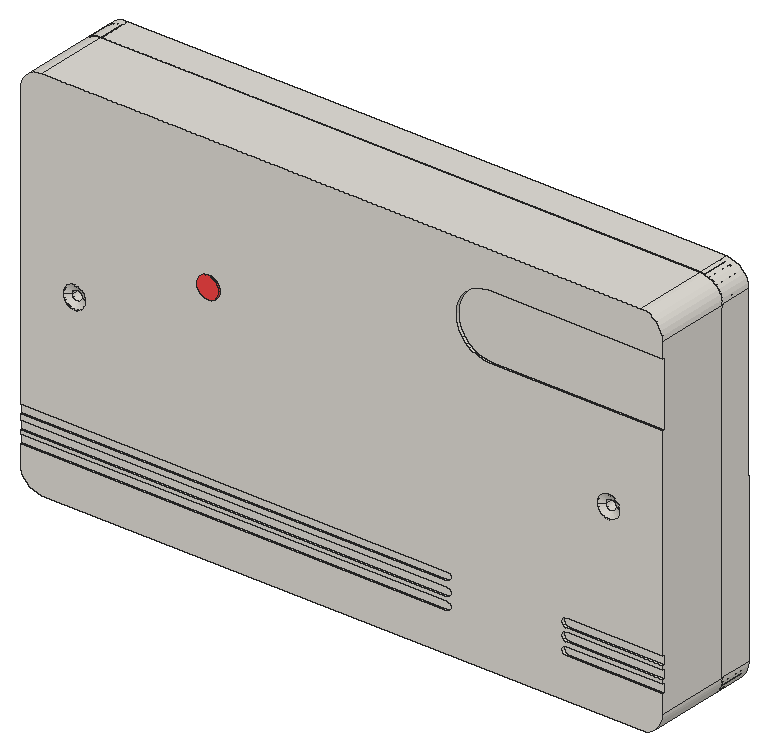
Revit family "TYCO-FPP-FireClass-FC410RIM RELAY IF MODULE", category Electrical Fixtures, Revit 2014
Parameters (values of type "TYCO-FPP-FireClass-FC410RIM RELAY IF MODULE")
  Width = 84 mm  # constant formula
  Quiescent Current mA = "0.46"
  URL = "https://fireclass.co.uk/en/emea/Pages/ProductDetail.aspx?productdetail=Addressable+Modules"
  Type Comments = "The FC410RIM Relay Interface Module provides one volt-free relay\r\nchangeover contact on a latching relay."
  Operating Temperature = "–25°C to +70°C"
  Rear cover = yes
  PCB = PCB
  Storage Temperature = "–40°C to +80°C"
  Operating Humidity = "10% to 95% non condensing"
  Model = "FireClass- 568.800.703"
  Manufacturer = "Tyco"
  Relay Contacts = "100 Ohms"
  Length = 61 mm  # constant formula
  Keynote = "The relay state (activated, deactivated or stuck) is returned to the\r\ncontroller as confirmation."
  Front cover = yes
  Relay Contact3 (maximum) = "2A @ 30Vdc"
  Description = "Relay Interface Module"
  Alarm Current mA = "4.6"
Reference planes
  plane 1 "Center (Front/Back)": y = 0
  plane 2: z = 0
  plane 3 "Center (Left/Right)": x = 0
  plane 4: z = -30.5
  plane 5: z = 30.5
  plane 6: x = -42
  plane 7: x = 42
Forms (mm)
  Extrusion 1, solid, material "PCB" <- "PCB", detail levels fine
    sketch origin (0, 0, 0) x (1, 0, 0) y (0, 0, 1)
      loop
        line (-42, 30.5) -> (-42, -30.5) -> (42, -30.5) -> (42, 30.5) -> (-42, 30.5)
      loop
        circle (21.867, 15.508) r 2.763
      loop
        circle (21.867, -15.508) r 2.763
      loop
        circle (-21.867, 15.508) r 2.763
      loop
        circle (-21.867, -15.508) r 2.763
      loop
        circle (38.27, 26.824) r 1.191
      loop
        circle (38.27, -26.824) r 1.191
      loop
        circle (-38.27, 12.969) r 1.191
      loop
        circle (-38.27, -26.824) r 1.191
    from 0 to -0.44
  Extrusion 2, solid, material "STT", detail levels fine
    sketch origin (-42, 0, -30.5) x (0, 0, 1) y (0, 1, 0)
      loop
        line (60.091, 0) -> (50.528, 0) -> (50.528, -1.923) -> (53.005, -4.401) -> (58.092, -4.401) -> (60.091, -1.546) -> (60.091, 0)
    from -16.201 to -37.325
  Extrusion 3, solid, material "ST", detail levels fine
    sketch origin (-42, 0, 20.028) x (-1, 0, 0) y (0, 1, 0)
      loop
        line (-16.694, -1.758) -> (-19.96, -1.758) -> (-19.96, -3.964) -> (-16.694, -3.964) -> (-16.694, -1.758)
      loop
        line (-22.286, -1.758) -> (-25.551, -1.758) -> (-25.551, -3.964) -> (-22.286, -3.964) -> (-22.286, -1.758)
      loop
        line (-27.744, -1.758) -> (-31.009, -1.758) -> (-31.009, -3.964) -> (-27.744, -3.964) -> (-27.744, -1.758)
      loop
        line (-33.335, -1.758) -> (-36.601, -1.758) -> (-36.601, -3.964) -> (-33.335, -3.964) -> (-33.335, -1.758)
    from -2.477 to -0.508
  Extrusion 4, solid, material "ST", detail levels fine
    sketch origin (-42, -4.401, 27.592) x (0, 0.819152, 0.573576) y (-1, 0, 0)
      loop
        circle (1.976, -18.018) r 1.302
      loop
        circle (1.976, -23.761) r 1.302
      loop
        circle (1.976, -29.154) r 1.302
      loop
        circle (1.976, -35.027) r 1.302
    from -0.394 to 0.404
  Extrusion 5, solid, material "STT", detail levels fine
    sketch origin (0, 0, 0) x (0, 1, 0) y (0, 0, 1)
      loop
        line (0, 29.591) -> (-1.546, 29.591) -> (-4.401, 27.592) -> (-4.401, 22.505) -> (-1.923, 20.028) -> (0, 20.028) -> (0, 29.591)
    from 5.187 to 31.11
  Extrusion 6, solid, material "ST", detail levels fine
    sketch origin (0, 0, 20.028) x (-1, 0, 0) y (0, 1, 0)
      loop
        line (-5.736, -4.038) -> (-5.736, -1.923) -> (-9.725, -1.923) -> (-9.725, -4.038) -> (-5.736, -4.038)
      loop
        line (-10.736, -4.038) -> (-10.736, -1.923) -> (-14.725, -1.923) -> (-14.725, -4.038) -> (-10.736, -4.038)
      loop
        line (-15.736, -4.038) -> (-15.736, -1.923) -> (-19.725, -1.923) -> (-19.725, -4.038) -> (-15.736, -4.038)
      loop
        line (-21.225, -4.038) -> (-21.225, -1.923) -> (-25.214, -1.923) -> (-25.214, -4.038) -> (-21.225, -4.038)
      loop
        line (-26.225, -4.038) -> (-26.225, -1.923) -> (-30.214, -1.923) -> (-30.214, -4.038) -> (-26.225, -4.038)
    from -0.508 to -2.477
  Extrusion 7, solid, material "ST", detail levels fine
    sketch origin (0, -4.401, 27.592) x (0, 0.819152, 0.573576) y (-1, 0, 0)
      loop
        circle (1.957, -7.363) r 1.329
      loop
        circle (1.957, -12.642) r 1.329
      loop
        circle (1.957, -17.475) r 1.329
      loop
        circle (1.957, -23.019) r 1.329
      loop
        circle (1.957, -28.019) r 1.329
    from -0.633 to 0.682
  Extrusion 8, solid, material "RS", detail levels fine
    sketch origin (0, 0, 0) x (1, 0, 0) y (0, 0, 1)
      loop
        line (19.134, 8.824) -> (19.134, 0.164) -> (37, 0.164) -> (37, 8.824) -> (19.134, 8.824)
    from 0 to 3.416
  Extrusion 9, solid, material "RED", detail levels fine
    sketch origin (0, 0, 0) x (1, 0, 0) y (0, 0, 1)
      loop
        circle (0.5, -18.503) r 1.426
    from 0 to 0.241
  Extrusion 10, solid, material "STT", detail levels fine
    sketch origin (0, 0, 0) x (1, 0, 0) y (0, 0, 1)
      loop
        circle (16.583, 6.869) r 2
    from 0 to 5.696
Cuts and joins
  joined: Extrusion 3, Extrusion 4, Extrusion 6, Extrusion 7
  joined: Extrusion 2, Extrusion 5, Extrusion 10
Lines and regions (mm)
  model lines, detail levels fine
    curve 1: line (31.575, 0, 24.143) -> (34.521, 0, 21.196)
    curve 2: line (34.521, 0, 21.196) -> (34.521, 0, 9.559)
    curve 3: line (31.993, 0, 24.573) -> (35.121, 0, 21.445)
    curve 4: line (35.121, 0, 21.445) -> (35.121, 0, 9.559)
    curve 5: line (17.183, 0, 19.719) -> (17.183, 0, 15.494)
    curve 6: line (17.183, 0, 15.494) -> (11.247, 0, 9.559)
    curve 7: line (11.247, 0, 9.559) -> (11.247, 0, -9.315)
    curve 8: line (11.247, 0, -9.315) -> (6.957, 0, -13.606)
    curve 9: line (6.957, 0, -13.606) -> (6.957, 0, -21.912)
    curve 10: line (16.583, 0, 19.719) -> (16.583, 0, 15.743)
    curve 11: line (16.583, 0, 15.743) -> (10.647, 0, 9.807)
    curve 12: line (10.647, 0, 9.807) -> (10.647, 0, -9.066)
    curve 13: line (10.647, 0, -9.066) -> (6.357, 0, -13.357)
    curve 14: line (6.357, 0, -13.357) -> (6.357, 0, -21.912)
    curve 15: line (12.78, 0, 16.417) -> (6.357, 0, 9.994)
    curve 16: line (6.357, 0, 9.994) -> (6.357, 0, -7.302)
    curve 17: line (6.357, 0, -7.302) -> (2.821, 0, -10.838)
    curve 18: line (2.821, 0, -10.838) -> (-4.842, 0, -10.838)
    curve 19: line (12.317, 0, 16.803) -> (5.757, 0, 10.243)
    curve 20: line (5.757, 0, 10.243) -> (5.757, 0, -7.054)
    curve 21: line (5.757, 0, -7.054) -> (2.573, 0, -10.238)
    curve 22: line (2.573, 0, -10.238) -> (-4.842, 0, -10.238)
    curve 23: line (8.888, 0, 2.063) -> (8.888, 0, -8.565)
    curve 24: line (8.888, 0, -8.565) -> (1.228, 0, -14.993)
    curve 25: line (1.228, 0, -14.993) -> (-11.555, 0, -14.993)
    curve 26: line (8.288, 0, 2.063) -> (8.288, 0, -8.285)
    curve 27: line (8.288, 0, -8.285) -> (1.01, 0, -14.393)
    curve 28: line (1.01, 0, -14.393) -> (-11.555, 0, -14.393)
    curve 29: line (-36.218, 0, 9.559) -> (-30.763, 0, 4.103)
    curve 30: line (-30.763, 0, 4.103) -> (-13.236, 0, 4.103)
    curve 31: line (-13.236, 0, 4.103) -> (-13.236, 0, -5.897)
    curve 32: line (-35.794, 0, 9.983) -> (-30.514, 0, 4.703)
    curve 33: line (-30.514, 0, 4.703) -> (-12.636, 0, 4.703)
    curve 34: line (-12.636, 0, 4.703) -> (-12.636, 0, -5.897)
    curve 35: line (-37.736, 0, 4.103) -> (-32.149, 0, -1.484)
    curve 36: line (-32.149, 0, -1.484) -> (-32.149, 0, -16.484)
    curve 37: line (-37.312, 0, 4.528) -> (-31.549, 0, -1.235)
    curve 38: line (-31.549, 0, -1.235) -> (-31.549, 0, -16.484)
    curve 39: line (-35.246, 0, -5.897) -> (-35.246, 0, -20.897)
    curve 40: line (-35.246, 0, -20.897) -> (-31.549, 0, -24.594)
    curve 41: line (-31.549, 0, -24.594) -> (-23.254, 0, -24.594)
    curve 42: line (-34.646, 0, -5.897) -> (-34.646, 0, -20.648)
    curve 43: line (-34.646, 0, -20.648) -> (-31.3, 0, -23.994)
    curve 44: line (-31.3, 0, -23.994) -> (-23.201, 0, -23.994)
    curve 45: circle (-36.244, 0, 10.159) r 0.781 normal (0, -1, 0)
    curve 46: circle (-37.885, 0, 4.832) r 0.877 normal (0, -1, 0)
    curve 47: circle (-12.898, 0, -6.876) r 0.885 normal (0, -1, 0)
    curve 48: circle (-34.962, 0, -5.542) r 0.787 normal (0, -1, 0)
    curve 49: circle (-22.416, 0, -24.246) r 0.824 normal (0, -1, 0)
    curve 50: circle (-31.86, 0, -17.092) r 0.824 normal (0, -1, 0)
    curve 51: circle (-12.549, 0, -14.64) r 0.862 normal (0, -1, 0)
    curve 52: circle (-5.489, 0, -10.531) r 0.915 normal (0, -1, 0)
    curve 53: line (6.061, 0, -23.589) -> (7.327, 0, -23.589)
    curve 54: line (6.061, 0, -21.912) -> (6.061, 0, -23.589)
    curve 55: line (7.327, 0, -21.912) -> (6.061, 0, -21.912)
    curve 56: line (7.327, 0, -23.589) -> (7.327, 0, -21.912)
    curve 57: line (8.288, 0, 3.426) -> (9.451, 0, 3.426)
    curve 58: line (8.288, 0, 2.063) -> (8.288, 0, 3.426)
    curve 59: line (9.451, 0, 2.063) -> (8.288, 0, 2.063)
    curve 60: line (9.451, 0, 3.426) -> (9.451, 0, 2.063)
    curve 61: line (16.583, 0, 20.763) -> (17.438, 0, 20.763)
    curve 62: line (16.583, 0, 19.719) -> (16.583, 0, 20.763)
    curve 63: line (17.438, 0, 19.719) -> (16.583, 0, 19.719)
    curve 64: line (17.438, 0, 20.763) -> (17.438, 0, 19.719)
    curve 65: line (12.317, 0, 16.417) -> (13.641, 0, 16.417)
    curve 66: line (12.317, 0, 17.546) -> (12.317, 0, 16.417)
    curve 67: line (13.641, 0, 17.546) -> (12.317, 0, 17.546)
    curve 68: line (13.641, 0, 16.417) -> (13.641, 0, 17.546)
    curve 69: line (31.993, 0, 24.143) -> (31.118, 0, 24.143)
    curve 70: line (31.993, 0, 26.421) -> (31.993, 0, 24.143)
    curve 71: line (31.118, 0, 26.421) -> (31.993, 0, 26.421)
    curve 72: line (31.118, 0, 24.143) -> (31.118, 0, 26.421)
    curve 73: line (34.178, 0, 9.042) -> (35.728, 0, 9.042)
    curve 74: line (34.178, 0, 9.933) -> (34.178, 0, 9.042)
    curve 75: line (35.728, 0, 9.933) -> (34.178, 0, 9.933)
    curve 76: line (35.728, 0, 9.042) -> (35.728, 0, 9.933)
  model lines, detail levels coarse+medium
    curve 77: line (-42, 0, 30.5) -> (42, 0, 30.5)
    curve 78: line (-42, 0, -30.5) -> (-42, 0, 30.5)
    curve 79: line (42, 0, -30.5) -> (-42, 0, -30.5)
    curve 80: line (42, 0, 30.5) -> (42, 0, -30.5)
Dimensions and locks
  equal spacing: plane 5, plane 2, plane 4
  "Length": plane 5 to plane 4
  equal spacing: plane 7, plane 3 "Center (Left/Right)", plane 6
  "Width": plane 7 to plane 6
  aligned and locked: level to plane 2
  aligned and locked: plane 5 to Extrusion 1 sketch curve
  aligned and locked: plane 6 to Extrusion 1 sketch curve
  aligned and locked: plane 4 to Extrusion 1 sketch curve
  aligned and locked: Extrusion 1 sketch curve to plane 7
  aligned and locked: Extrusion 8 to plane 1 "Center (Front/Back)"
  aligned and locked: plane 5 to curve 77
  aligned and locked: curve 80 to plane 7
  aligned and locked: plane 4 to curve 79
  aligned and locked: plane 6 to curve 78
  aligned and locked: Extrusion 10 to plane 1 "Center (Front/Back)"
  aligned and locked: plane 3 "Center (Left/Right)" to nested 1
  aligned and locked: nested 1 to Extrusion 1
  aligned and locked: nested 2 to Extrusion 1
  aligned and locked: plane 2 to nested 2
  aligned and locked: plane 3 "Center (Left/Right)" to nested 2
Automatic sketch dimensions
  plane 6 to Extrusion 1 sketch curve = 3.73 mm  (x2)
  plane 6 to Extrusion 1 sketch curve = 20.133 mm  (x2)
  Extrusion 1 sketch curve to plane 7 = 20.133 mm  (x2)
  Extrusion 1 sketch curve to plane 7 = 3.73 mm  (x2)
  plane 4 to Extrusion 1 sketch curve = 3.676 mm  (x2)
  Extrusion 1 sketch curve to level = 15.508 mm  (x2)
  level to Extrusion 1 sketch curve = 15.508 mm  (x2)
  plane 5 to Extrusion 1 sketch curve = 3.676 mm
  plane 5 to Extrusion 1 sketch curve = 17.531 mm
  Extrusion 2 sketch curve to Extrusion 1 = 0 mm
  Extrusion 1 to Extrusion 2 sketch curve = 10.472 mm
  Extrusion 2 sketch curve to Extrusion 2 sketch curve = 2.477 mm  (x2)
  Extrusion 1 to Extrusion 2 sketch curve = 2.908 mm
  Extrusion 1 to Extrusion 2 sketch curve = 0.909 mm
  Extrusion 2 sketch curve to Extrusion 1 = 1.546 mm
  Extrusion 2 sketch curve to Extrusion 1 = 1.923 mm
  Extrusion 2 to Extrusion 3 sketch curve = 0.165 mm  (x4)
  Extrusion 3 sketch curve to Extrusion 2 = 0.724 mm
  Extrusion 3 sketch curve to Extrusion 3 sketch curve = 3.266 mm  (x3)
  Extrusion 3 sketch curve to Extrusion 3 sketch curve = 2.326 mm  (x2)
  Extrusion 3 sketch curve to Extrusion 3 sketch curve = 2.192 mm
  Extrusion 3 sketch curve to Extrusion 2 = 0.493 mm
  Extrusion 3 sketch curve to Extrusion 2 = 2.04 mm  (x4)
  Extrusion 4 sketch curve to Extrusion 2 = 1.51 mm  (x4)
  Extrusion 2 to Extrusion 4 sketch curve = 2.298 mm
  Extrusion 4 sketch curve to Extrusion 4 sketch curve = 5.873 mm
  Extrusion 4 sketch curve to Extrusion 4 sketch curve = 5.393 mm
  Extrusion 2 to Extrusion 4 sketch curve = 1.817 mm
  Extrusion 5 sketch curve to plane 1 "Center (Front/Back)" = 0 mm
  plane 1 "Center (Front/Back)" to Extrusion 5 sketch curve = 1.546 mm
  plane 1 "Center (Front/Back)" to Extrusion 5 sketch curve = 1.923 mm
  Extrusion 5 sketch curve to Extrusion 5 sketch curve = 2.477 mm  (x2)
  plane 5 to Extrusion 5 sketch curve = 10.472 mm
  plane 5 to Extrusion 5 sketch curve = 2.908 mm
  plane 5 to Extrusion 5 sketch curve = 0.909 mm
  Extrusion 5 to Extrusion 6 sketch curve = 0 mm  (x5)
  Extrusion 6 sketch curve to Extrusion 5 = 0.896 mm
  Extrusion 6 sketch curve to Extrusion 6 sketch curve = 3.989 mm  (x4)
  Extrusion 6 sketch curve to Extrusion 6 sketch curve = 1.011 mm  (x3)
  Extrusion 6 sketch curve to Extrusion 6 sketch curve = 1.499 mm
  Extrusion 6 sketch curve to Extrusion 5 = 0.549 mm
  Extrusion 6 sketch curve to Extrusion 6 sketch curve = 2.115 mm
  Extrusion 6 sketch curve to Extrusion 6 sketch curve = 0 mm  (x4)
  Extrusion 5 to Extrusion 7 sketch curve = 1.528 mm  (x5)
  Extrusion 5 to Extrusion 7 sketch curve = 3.091 mm
  Extrusion 7 sketch curve to Extrusion 7 sketch curve = 5 mm
  Extrusion 7 sketch curve to Extrusion 7 sketch curve = 5.544 mm
  Extrusion 7 sketch curve to Extrusion 7 sketch curve = 4.834 mm
  Extrusion 5 to Extrusion 7 sketch curve = 2.177 mm
  Extrusion 9 sketch curve to Extrusion 1 = 11.997 mm
  Extrusion 9 sketch curve to Extrusion 1 = 42.5 mm
  plane 6 to curve 46 = 4.115 mm
  curve 46 to curve 45 = 1.64 mm
  plane 6 to curve 39 = 6.754 mm
  curve 39 to curve 48 = 0.284 mm
  curve 39 to curve 42 = 0.6 mm
  curve 35 to level = 1.484 mm
  curve 48 to curve 35 = 2.814 mm
  curve 36 to curve 50 = 0.288 mm
  curve 42 to curve 40 = 3.097 mm
  curve 35 to curve 38 = 0.6 mm
  curve 40 to curve 43 = 0.249 mm
  curve 37 to curve 30 = 0.786 mm
  curve 29 to curve 33 = 0.249 mm
  curve 43 to curve 49 = 8.884 mm
  level to curve 30 = 4.103 mm
  curve 30 to plane 3 "Center (Left/Right)" = 13.236 mm
  curve 31 to curve 47 = 0.337 mm
  curve 30 to curve 34 = 0.6 mm
  curve 47 to curve 51 = 0.349 mm
  curve 52 to plane 3 "Center (Left/Right)" = 5.489 mm
  plane 3 "Center (Left/Right)" to curve 27 = 1.01 mm
  curve 27 to curve 24 = 0.218 mm
  plane 3 "Center (Left/Right)" to curve 21 = 2.573 mm
  curve 21 to curve 18 = 0.249 mm
  plane 3 "Center (Left/Right)" to curve 19 = 5.757 mm
  plane 3 "Center (Left/Right)" to curve 55 = 6.061 mm
  curve 17 to curve 14 = 3.536 mm
  curve 20 to curve 16 = 0.6 mm
  curve 13 to curve 9 = 0.6 mm
  curve 9 to curve 55 = 0.37 mm
  curve 15 to curve 58 = 1.932 mm
  curve 26 to curve 23 = 0.6 mm
  curve 57 to curve 57 = 1.162 mm
  curve 23 to curve 12 = 1.759 mm
  curve 11 to curve 7 = 0.6 mm
  curve 11 to curve 67 = 1.669 mm
  curve 65 to curve 68 = 1.324 mm
  curve 65 to curve 10 = 2.942 mm
  curve 10 to curve 6 = 0.6 mm
  curve 5 to curve 64 = 0.255 mm
  curve 72 to plane 7 = 10.882 mm
  curve 71 to curve 70 = 0.875 mm
  curve 75 to plane 7 = 7.822 mm
  curve 69 to curve 2 = 2.528 mm
  curve 1 to curve 3 = 0.6 mm
  curve 4 to curve 76 = 0.606 mm
  curve 48 to curve 35 = 4.058 mm
  curve 47 to level = 6.876 mm
  curve 21 to level = 7.054 mm
  curve 16 to curve 20 = 0.249 mm
  curve 26 to curve 16 = 0.983 mm
  curve 24 to curve 26 = 0.28 mm
  curve 13 to curve 23 = 0.501 mm
  curve 8 to curve 12 = 0.249 mm
  curve 21 to curve 20 = 3.184 mm
  curve 52 to curve 22 = 0.293 mm
  curve 18 to curve 21 = 0.6 mm
  curve 14 to curve 17 = 2.519 mm
  curve 9 to curve 13 = 0.249 mm
  curve 27 to curve 17 = 3.555 mm
  curve 51 to curve 28 = 0.247 mm
  curve 24 to curve 27 = 0.6 mm
  curve 50 to curve 48 = 11.551 mm
  curve 43 to curve 50 = 3.556 mm
  curve 39 to curve 42 = 0.249 mm
  curve 55 to curve 8 = 8.306 mm
  curve 53 to curve 55 = 1.677 mm
  curve 44 to curve 42 = 3.346 mm
  curve 49 to curve 44 = 0.252 mm
  curve 40 to curve 43 = 0.6 mm
  curve 35 to curve 38 = 0.249 mm
  level to curve 59 = 2.063 mm
  curve 26 to curve 58 = 1.363 mm
  curve 30 to curve 33 = 0.6 mm
  level to curve 46 = 4.832 mm
  level to curve 76 = 9.042 mm
  curve 57 to curve 7 = 6.133 mm
  curve 6 to curve 12 = 0.249 mm
  curve 73 to curve 74 = 0.891 mm
  curve 11 to curve 16 = 0.187 mm
  curve 46 to curve 45 = 5.327 mm
  curve 15 to curve 19 = 0.249 mm
  curve 6 to curve 6 = 5.936 mm
  curve 5 to curve 10 = 0.249 mm
  curve 10 to curve 68 = 0.675 mm
  curve 65 to curve 67 = 1.129 mm
  curve 10 to curve 63 = 3.976 mm
  curve 10 to curve 61 = 1.044 mm
  curve 74 to curve 1 = 11.263 mm
  curve 1 to curve 3 = 0.249 mm
  curve 1 to curve 72 = 2.947 mm
  curve 69 to curve 70 = 2.278 mm
  curve 46 to curve 35 = 0.149 mm
  curve 35 to curve 37 = 0.424 mm  (x2)
  curve 45 to curve 29 = 0.026 mm
  curve 45 to curve 32 = 0.45 mm
  curve 41 to curve 49 = 0.838 mm
  curve 41 to curve 44 = 0.053 mm
  curve 51 to curve 28 = 0.994 mm
  curve 28 to curve 25 = 0 mm
  curve 52 to curve 18 = 0.647 mm
  curve 22 to curve 18 = 0 mm
  curve 65 to curve 15 = 0.463 mm
  curve 1 to curve 69 = 0.418 mm
  curve 47 to curve 34 = 0.979 mm
  curve 31 to curve 34 = 0 mm
  curve 39 to curve 48 = 0.355 mm
  curve 42 to curve 48 = 0.355 mm
  curve 50 to curve 36 = 0.608 mm
  curve 38 to curve 36 = 0 mm
  curve 35 to curve 46 = 0.729 mm
  curve 2 to curve 74 = 0.374 mm
  curve 29 to curve 45 = 0.601 mm
  curve 4 to curve 2 = 0 mm
  curve 32 to curve 45 = 0.176 mm
  curve 65 to curve 19 = 0.385 mm
  curve 69 to curve 3 = 0.43 mm
  level to Extrusion 10 sketch curve = 6.869 mm
  plane 3 "Center (Left/Right)" to Extrusion 10 sketch curve = 16.583 mm
  Extrusion 8 sketch curve to Extrusion 1 = 22.866 mm
  Extrusion 8 sketch curve to Extrusion 1 = 5 mm
  Extrusion 8 sketch curve to Extrusion 1 = 30.664 mm
  Extrusion 8 sketch curve to Extrusion 8 sketch curve = 8.66 mm
  radius of Extrusion 1 sketch curve = 2.763 mm  (x4)
  radius of Extrusion 1 sketch curve = 1.191 mm  (x4)
  radius of Extrusion 4 sketch curve = 1.302 mm  (x4)
  radius of Extrusion 7 sketch curve = 1.329 mm  (x5)
  radius of Extrusion 9 sketch curve = 1.426 mm
  radius of curve 45 = 0.781 mm
  radius of curve 46 = 0.877 mm
  radius of curve 47 = 0.885 mm
  radius of curve 48 = 0.787 mm
  radius of curve 50 = 0.824 mm
  radius of curve 51 = 0.862 mm
  radius of curve 52 = 0.915 mm
  radius of Extrusion 10 sketch curve = 2 mm
Nested families
  nested 1: "517.035.007" at (0, 0, 0), visible <- "Front cover", type "517.035.007 cover", detail levels fine
    with Front Cover yes
  nested 2: "517.035.010 rear cover" at (0, -5.925, -7.5), visible <- "Rear cover", type "517.035.010 back box", detail levels fine
    with Rear cover yes
Connectors
  electrical at (0, 0.44, 0)
    settings: on Extrusion 1, index 1, voltage 24 V, apparent load 0 VA, apparent load phase1 0 VA, apparent load phase2 0 VA, apparent load phase3 0 VA, power factor 1, load classification "Other", number of poles 1, system type 31, power factor state 1, is connector primary yes, connector utility no, sub classification motor no, connector description ""
Definition of nested family "517.035.007"
  Parameters (values of type "517.035.007 cover")
    X = 2 mm
    W = 148 mm
    Type Comments = "M520 Ancillary cover for use with 800 series modules.\r\nWill fit onto a MK style double gang back box."
    Model = "517.035.007"
    Material = Cover
    Manufacturer = "Tyco"
    L = 87 mm
    Front Cover [instance] = yes
    Description = "M520 Ancillary Cover"
    D = 23 mm
  Reference planes
    plane 1 "Center (Front/Back)": y = 0
    plane 2: z = 0
    plane 3 "Center (Left/Right)": x = 0
    plane 4: x = -74
    plane 5: x = 74
    plane 6: x = 61.5
    plane 7: z = 43.5
    plane 8: z = -43.5
    plane 9: y = -23
  Forms (mm)
    Extrusion 1, solid, material "Cover" <- "Material", visible <- "Front Cover", detail levels fine
      sketch origin (0, -23.027, 0) x (1, 0, 0) y (0, 0, 1)
        loop
          arc (-69, 43.5) -> (-72.536, 42.036) -> (-74, 38.5) r 5
          line (-74, 38.5) -> (-74, -38.5)
          arc (-74, -38.5) -> (-72.536, -42.036) -> (-69, -43.5) r 5
          line (-69, -43.5) -> (69, -43.5)
          arc (69, -43.5) -> (72.536, -42.036) -> (74, -38.5) r 5
          line (74, -38.5) -> (74, 38.5)
          arc (74, 38.5) -> (72.536, 42.036) -> (69, 43.5) r 5
          line (69, 43.5) -> (-69, 43.5)
      from -23 to 0
    Extrusion 2, void
      sketch origin (0, -23.027, 0) x (-1, 0, 0) y (0, 0, 1)
        loop
          line (74, -26.396) -> (-24.324, -26.396)
          arc (-24.324, -26.396) -> (-25.324, -27.396) -> (-24.324, -28.396) r 1
          line (-24.324, -28.396) -> (74, -28.396) -> (74, -26.396)
        loop
          line (74, -29.671) -> (-24.324, -29.671)
          arc (-24.324, -29.671) -> (-25.324, -30.671) -> (-24.324, -31.671) r 1
          line (-24.324, -31.671) -> (74, -31.671) -> (74, -29.671)
        loop
          line (74, -32.583) -> (-24.324, -32.583)
          arc (-24.324, -32.583) -> (-25.324, -33.583) -> (-24.324, -34.583) r 1
          line (-24.324, -34.583) -> (74, -34.583) -> (74, -32.583)
        loop
          line (-51.834, -26.396) -> (-74, -26.396) -> (-74, -28.396) -> (-51.834, -28.396)
          arc (-51.834, -28.396) -> (-50.834, -27.396) -> (-51.834, -26.396) r 1
        loop
          line (-51.834, -29.305) -> (-74, -29.305) -> (-74, -31.305) -> (-51.834, -31.305)
          arc (-51.834, -31.305) -> (-50.834, -30.305) -> (-51.834, -29.305) r 1
        loop
          line (-51.834, -32.254) -> (-74, -32.254) -> (-74, -34.254) -> (-51.834, -34.254)
          arc (-51.834, -34.254) -> (-50.834, -33.254) -> (-51.834, -32.254) r 1
        loop
          line (-74, 34.995) -> (-74, 19.995) -> (-34, 19.995)
          arc (-34, 19.995) -> (-26.5, 27.495) -> (-34, 34.995) r 7.5
          line (-34, 34.995) -> (-74, 34.995)
      from 0 to 0.563
    Revolve 3, void
      sketch origin (0, -23.027, 0) x (0, -1, 0) y (1, 0, 0)
        loop
          line (-3.575, 61.5) -> (0, 61.5) -> (0, 64.045) -> (-0.836, 62.678) -> (-3.575, 62.678) -> (-3.575, 61.5)
        axis (-3.575, 61.5) -> (0, 61.5)
      angle from 0 to 360
    Extrusion 4, solid, material "LED RED", detail levels fine
      sketch origin (0, -23.027, 0) x (1, 0, 0) y (0, 0, 1)
        loop
          circle (-30.624, 12.978) r 2.558
      from -1.293 to 0.174
    Extrusion 5, void
      sketch origin (-94.576, -0.027, -4572) x (1, 0, 0) y (0, 0, -1)
        loop
          line (26.703, -4612.567) -> (162.316, -4612.567)
          arc (162.316, -4612.567) -> (164.664, -4611.594) -> (165.637, -4609.246) r 3.321
          line (165.637, -4609.246) -> (165.637, -4534.612)
          arc (165.637, -4534.612) -> (164.589, -4532.082) -> (162.058, -4531.033) r 3.578
          line (162.058, -4531.033) -> (27.05, -4531.033)
          arc (27.05, -4531.033) -> (24.499, -4532.09) -> (23.442, -4534.641) r 3.608
          line (23.442, -4534.641) -> (23.442, -4609.306)
          arc (23.442, -4609.306) -> (24.397, -4611.612) -> (26.703, -4612.567) r 3.261
      from 0 to -19.425
    Revolve 6, void
      sketch origin (0, -23.027, 0) x (0, 1, 0) y (-1, 0, 0)
        loop
          line (3.575, 61.5) -> (3.575, 62.678) -> (0.836, 62.678) -> (0, 64.045) -> (0, 61.5) -> (3.575, 61.5)
        axis (3.575, 61.5) -> (0, 61.5)
      angle from 0 to 360
  Cuts and joins
    Extrusion 2, Revolve 3, Extrusion 5, Revolve 6 cuts Extrusion 1
  Dimensions and locks
    equal spacing: plane 4, plane 3 "Center (Left/Right)", plane 5
    "W": plane 4 to plane 5
    locked: plane 5 to plane 6 at 12.5
    equal spacing: plane 7, level, plane 8
    "L": plane 7 to plane 8
    "D": plane 9 to plane 1 "Center (Front/Back)"
    aligned and locked: plane 2 to level
    aligned and locked: Extrusion 1 to Extrusion 5
    aligned and locked: Extrusion 1 sketch curve to plane 7
    aligned and locked: plane 4 to Extrusion 1 sketch curve
    aligned and locked: Extrusion 1 sketch curve to plane 8
    aligned and locked: Extrusion 1 to Extrusion 2
  Automatic sketch dimensions
    plane 5 to Extrusion 1 sketch curve = 0 mm
    plane 4 to Extrusion 1 sketch curve = 5 mm  (x2)
    plane 5 to Extrusion 1 sketch curve = 5 mm
    Extrusion 1 sketch curve to Extrusion 1 sketch curve = 5 mm
    plane 5 to Extrusion 2 sketch curve = 0 mm  (x4)
    Extrusion 2 sketch curve to plane 4 = 0 mm  (x3)
    Extrusion 2 sketch curve to plane 6 = 9.666 mm
    Extrusion 2 sketch curve to Extrusion 2 sketch curve = 0 mm  (x4)
    Extrusion 2 sketch curve to plane 6 = 27.5 mm
    Extrusion 2 sketch curve to plane 8 = 9.917 mm
    plane 3 "Center (Left/Right)" to Extrusion 2 sketch curve = 24.324 mm
    Extrusion 2 sketch curve to plane 8 = 9.246 mm
    Extrusion 2 sketch curve to plane 8 = 8.917 mm
    Extrusion 2 sketch curve to Extrusion 2 sketch curve = 1 mm  (x5)
    Extrusion 2 sketch curve to Extrusion 2 sketch curve = 0.912 mm
    Extrusion 2 sketch curve to Extrusion 2 sketch curve = 0.95 mm
    Extrusion 2 sketch curve to Extrusion 2 sketch curve = 0.908 mm
    Extrusion 2 sketch curve to Extrusion 2 sketch curve = 1.275 mm
    level to Extrusion 2 sketch curve = 19.995 mm
    Extrusion 2 sketch curve to Extrusion 2 sketch curve = 7.5 mm
    Revolve 3 sketch curve to plane 6 = 0 mm  (x2)
    plane 1 "Center (Front/Back)" to Revolve 3 sketch curve = 19.452 mm
    plane 6 to Revolve 3 sketch curve = 1.178 mm
    Revolve 3 sketch curve to Revolve 3 sketch curve = 2.739 mm
    plane 6 to Revolve 3 sketch curve = 2.545 mm
    Revolve 3 sketch curve to Revolve 3 sketch curve = 0.836 mm
    Revolve 3 sketch curve to Revolve 3 sketch curve = 0.558 mm
    Revolve 3 sketch curve to Revolve 3 sketch curve = 1.62 mm
    Extrusion 4 sketch curve to Extrusion 1 = 43.376 mm
    Extrusion 4 sketch curve to Extrusion 1 = 30.522 mm
    plane 4 to Extrusion 5 sketch curve = 2.867 mm
    Extrusion 5 sketch curve to plane 7 = 2.933 mm
    Extrusion 5 sketch curve to Extrusion 5 sketch curve = 3.261 mm
    Extrusion 5 sketch curve to plane 8 = 2.533 mm
    Extrusion 5 sketch curve to Extrusion 5 sketch curve = 3.608 mm
    plane 6 to Extrusion 5 sketch curve = 5.983 mm
    plane 6 to Extrusion 5 sketch curve = 6.24 mm
    plane 5 to Extrusion 5 sketch curve = 2.939 mm
    plane 1 "Center (Front/Back)" to Revolve 6 sketch curve = 23.027 mm
    Revolve 6 sketch curve to Revolve 6 sketch curve = 0.836 mm
    Revolve 6 sketch curve to Revolve 6 sketch curve = 2.739 mm
    plane 4 to Revolve 6 sketch curve = 12.5 mm
    Revolve 6 sketch curve to Revolve 6 sketch curve = 1.178 mm
    Revolve 6 sketch curve to Revolve 6 sketch curve = 1.367 mm
    Revolve 6 sketch curve to Revolve 6 sketch curve = 1.62 mm
    Revolve 6 sketch curve to Revolve 6 sketch curve = 0.558 mm
    Revolve 6 sketch curve to Revolve 6 sketch curve = 0 mm
    radius of Extrusion 4 sketch curve = 2.558 mm
Definition of nested family "517.035.010 rear cover"
  Parameters (values of type "517.035.010 back box")
    W = 148 mm
    URL = "http://tfppemea.com/en/_layouts/fsassets/Docs/Detection_FireClass/UK%20FireClass%20CATALOGUE%20(LR).pdf"
    Type Comments = "K2142 White plastic surface mount MK backbox for use\r\nwith 800 Series addressable ancillaries using 517.035.007\r\ncover."
    Rear cover [instance] = yes
    Model = "517.035.010\r\n517.035.010"
    Manufacturer = "Tyco"
    L = 87 mm
    Finish = rear cover
    Description = "K2142 White Plastic Surface Mount MK\r\nbackbox"
  Reference planes
    plane 1 "Center (Front/Back)": y = 0
    plane 2: z = 0
    plane 3 "Center (Left/Right)": x = 0
    plane 4: x = -74
    plane 5: x = 74
    plane 6: z = 7.5
  Forms (mm)
    Extrusion 1, solid, material "rear cover" <- "Finish", visible <- "Rear cover", detail levels fine
      sketch origin (0, 7.5, 7.5) x (1, 0, 0) y (0, 0, 1)
        loop
          arc (-69, 43.5) -> (-72.536, 42.036) -> (-74, 38.5) r 5
          line (-74, 38.5) -> (-74, -38.5)
          arc (-74, -38.5) -> (-72.536, -42.036) -> (-69, -43.5) r 5
          line (-69, -43.5) -> (69, -43.5)
          arc (69, -43.5) -> (72.536, -42.036) -> (74, -38.5) r 5
          line (74, -38.5) -> (74, 38.5)
          arc (74, 38.5) -> (72.536, 42.036) -> (69, 43.5) r 5
          line (69, 43.5) -> (-69, 43.5)
      from 0 to 7.5
    Extrusion 2, void
      sketch origin (0, 0, 0) x (-1, 0, 0) y (0, 0, 1)
        loop
          line (71.151, 48.985) -> (-71.802, 48.985) -> (-71.802, -33.613) -> (71.151, -33.613) -> (71.151, 48.985)
        loop
          circle (-61, 7.5) r 1.229
        loop
          circle (-61, 7.5) r 2.2
        loop
          circle (61, 7.5) r 1.229
        loop
          circle (61, 7.5) r 2.2
      from 0 to 6.364
  Cuts and joins
    Extrusion 2 cuts Extrusion 1
  Dimensions and locks
    equal spacing: plane 4, plane 3 "Center (Left/Right)", plane 5
    "W": plane 4 to plane 5
    plane 6 to plane 2 = 7.5 mm
    aligned and locked: plane 2 to level
    aligned and locked: Extrusion 1 sketch curve to plane 4
    aligned and locked: Extrusion 1 sketch curve to plane 5
  Automatic sketch dimensions
    Extrusion 1 sketch curve to plane 4 = 5 mm
    Extrusion 1 sketch curve to Extrusion 1 sketch curve = 5 mm
    Extrusion 1 sketch curve to plane 5 = 5 mm  (x2)
    Extrusion 1 sketch curve to level = 36 mm
    plane 6 to Extrusion 1 sketch curve = 38.5 mm
    Extrusion 2 sketch curve to Extrusion 2 sketch curve = 0 mm  (x4)
    Extrusion 2 sketch curve to plane 6 = 0 mm  (x2)
    Extrusion 2 sketch curve to plane 5 = 2.198 mm
    Extrusion 2 sketch curve to plane 5 = 13 mm
    Extrusion 2 sketch curve to plane 4 = 13 mm
    Extrusion 2 sketch curve to plane 4 = 2.849 mm
    Extrusion 2 sketch curve to level = 33.613 mm
    plane 6 to Extrusion 2 sketch curve = 41.485 mm
    radius of Extrusion 2 sketch curve = 1.229 mm  (x2)
    radius of Extrusion 2 sketch curve = 2.2 mm  (x2)
